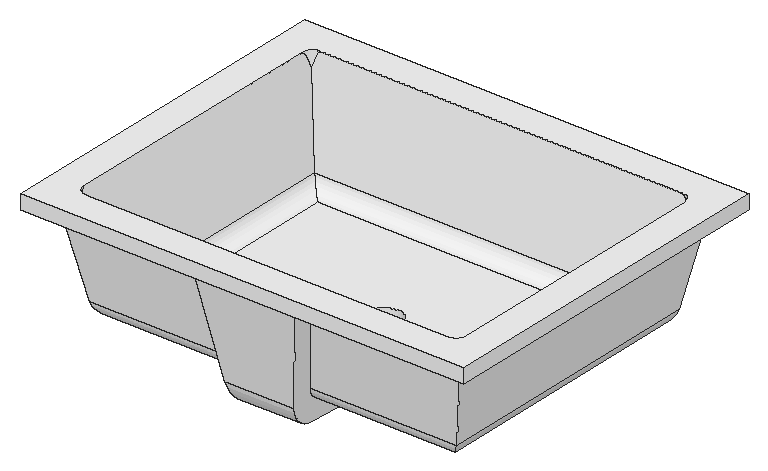
Revit family "Basin-Undercounter-American_Standard-Boxe-0315.000_Series", category Plumbing Fixtures, Revit 2018
Family settings
  Round Connector Dimension = Use Radius
  Part Type = Normal
  OmniClass Number = 23.45.05.14.14
  OmniClass Title = Sinks/Lavatories
  Work Plane-Based = Yes
  Always vertical = No
  Cut with Voids When Loaded = Yes
  Shared = Yes
  Room Calculation Point = No
Parameters (values of type "0315000.020")
  Width = 20"
  Waste Connection Radius = 5/8"
  Waste Connection Diameter = Waste Connection Radius * 2  # 1 1/4"
  Waste Connection = yes
  WFU = 2
  Vent Connection = no
  URL = "http://www.americanstandard.ca"
  Rim Material = Metal-American Standard-Unglazed
  Revised Date = "03/14/2022"  # constant formula
  Product Page URL = "https://www.americanstandard.ca/Undermount-Bathroom-Sinks/Boxe-Under-Counter-Sink/WHITE-0315000020"
  Product Documentation Link = "https://americanstandard.box.com/shared/static/s3ierqtecn3wj2ca5too4ivm6w13ick5.pdf"
  Price = "Prices may vary. Please consult McGuire rep for most up to date price list."
  Outlet Width from Wall = 12"
  Model = "0315000.020"
  Material = "Vitreous China-American Standard-020-White"
  Manufacturer = "American Standard"
  Length = 16"
  Installation Type = "Undermount"
  Hot Water Connection Width = if([4" Inlet Connection Width], 2", 4")  # 2"
  Hot Water Connection Radius = 3/16"
  Hot Water Connection Diameter = Hot Water Connection Radius * 2  # 3/8"
  Height = 7"
  HWFU = 1.5
  HW Connection = yes
  Finish = Vitreous China-American Standard-020-White
  Description = "Boxe® Under Counter Sink"
  Default Elevation = 34"
  Creation Date = "13/11/2013"  # constant formula
  Counter Opening Width = 16 3/4"
  Counter Opening Length = 12 3/4"
  Compliance Certifications = "Meets or exceeds ASME A112.19.2M for Vitreous China Fixtures. CAN/CSA B45 Series."
  Cold Water Connection Width = if([4" Inlet Connection Width], 2", 4")  # 2"
  Cold Water Connection Radius = 3/16"
  Cold Water Connection Diameter = Cold Water Connection Radius * 2  # 3/8"
  CWFU = 1.5
  CW Connection = yes
  Basin Shape = "Rectangular"
  Assembly Code = "D2010310"
  ADA Compliant = if(Default Elevation = 34", 1 > 0, 1 < 0)  # yes
  8" Inlet Connection Width = not([4" Inlet Connection Width])  # no
  4" Inlet Connection Width = yes
Reference planes (in)
  plane 1 "Center (Front/Back)": y = 0
  plane 2: z = 0
  plane 3 "Center (Left/Right)": x = 0
  plane 4: x = -10
  plane 5: x = 10
  plane 6: x = -8.625
  plane 7: x = 8.625
  plane 8: y = -16
  plane 9: y = -8
  plane 10: y = -14.625
  plane 11: y = -1.375
  plane 12: z = -7
  plane 13: z = -5
  plane 14: z = -10.5
  plane 15: z = -13.75
  plane 16 "Finished Floor": z = -33.25
  plane 17: y = 4
  plane 18: y = -18
  plane 19: z = -0.75
  plane 20: x = -8.375
  plane 21: x = 8.375
  plane 22: y = -1.625
  plane 23: y = -14.375
  plane 24: x = -2
  plane 25: x = 2
Forms (in)
  Extrusion 1, solid, material "Vitreous China-American Standard-020-White" <- "Finish", not visible
    sketch origin (0, 0, 0) x (1, 0, 0) y (0, 0, 1)
      loop
        circle (-2, -10.5) r 0.1875
      loop
        circle (0, -13.75) r 0.625
      loop
        circle (2, -10.5) r 0.1875
    from -4.0404954 to -4
  Extrusion 2, solid, material "Vitreous China-American Standard-020-White" <- "Finish"
    sketch origin (0, 0, -0.7440672) x (1, 0, 0) y (0, 1, 0)
      loop
        line (-10, 0) -> (-10, -16) -> (10, -16) -> (10, 0) -> (-10, 0)
      loop
        arc (-8.125, -1.375) -> (-8.4785534, -1.5214466) -> (-8.625, -1.875) r 0.5
        line (-8.625, -1.875) -> (-8.625, -14.125)
        arc (-8.625, -14.125) -> (-8.4785534, -14.4785534) -> (-8.125, -14.625) r 0.5
        line (-8.125, -14.625) -> (8.125, -14.625)
        arc (8.125, -14.625) -> (8.4785534, -14.4785534) -> (8.625, -14.125) r 0.5
        line (8.625, -14.125) -> (8.625, -1.875)
        arc (8.625, -1.875) -> (8.4785534, -1.5214466) -> (8.125, -1.375) r 0.5
        line (8.125, -1.375) -> (-8.125, -1.375)
    from -0.6309328 to -0.0059328
  Sweep 3, solid, material "Vitreous China-American Standard-020-White" <- "Finish"
    path origin (0, 0, -0.7440672) x (1, 0, 0) y (0, 1, 0)
      loop
        line (-8.625, -14.625) -> (8.625, -14.625) -> (8.625, -1.375) -> (-8.625, -1.375) -> (-8.625, -14.625)
    profile origin (-8.625, -8, -0.7440672) x (-1, 0, 0) y (0, 0, 1)
      loop
        line (-1.5890006, -5) -> (-1.5890006, -5.125) -> (-1.1039398, -5.125)
        arc (-1.1039398, -5.125) -> (-0.6268811, -4.9537184) -> (-0.3677194, -4.5181067) r 0.75
        line (-0.3677194, -4.5181067) -> (0.3878707, -0.6309328) -> (0, -0.6309328) -> (0, -0.0059328) -> (-0.8527802, -4.3931067)
        arc (-0.8527802, -4.3931067) -> (-1.1119419, -4.8287184) -> (-1.5890006, -5) r 0.75
  Extrusion 4, solid, material "Vitreous China-American Standard-020-White" <- "Finish"
    sketch origin (0, 0, -0.7440672) x (1, 0, 0) y (0, 1, 0)
      loop
        line (-2.5248282, -7.4751718) -> (-2.5248282, -8.5248282) -> (2.5248282, -8.5248282) -> (2.5248282, -7.4751718) -> (-2.5248282, -7.4751718)
    from -5.746579 to -5
  Extrusion 5, void
    sketch origin (0, 0, -0.7440672) x (1, 0, 0) y (0, 1, 0)
      loop
        circle (0, -8) r 0.75
    from -7.1468996 to -5
  Extrusion 6, solid, material "Vitreous China-American Standard-020-White" <- "Finish"
    sketch origin (0.0117359, 0, -0.7440672) x (0, 1, 0) y (0, 0, 1)
      loop
        line (-15.0128707, -0.6309328) -> (-15.875, -0.6309328) -> (-15.0165719, -5.0471627)
        arc (-15.0165719, -5.0471627) -> (-14.5627016, -5.8332891) -> (-13.7210593, -6.1733346) r 1.3940867
        line (-13.7210593, -6.1733346) -> (-8, -6.4731626) -> (-8, -5.65113) -> (-13.7088131, -4.9987164)
        arc (-13.7088131, -4.9987164) -> (-14.0701297, -4.8329899) -> (-14.2635752, -4.4857237) r 0.6390647
        line (-14.2635752, -4.4857237) -> (-15.0128707, -0.6309328)
    from -2.2617359 to 2.2382641
  Revolve 7, solid, material "Vitreous China-American Standard-020-White" <- "Finish"
    sketch origin (0, 0, -0.7440672) x (0, 1, 0) y (0, 0, 1)
      loop
        line (-8.75, -5.125) -> (-9.5259584, -5.125) -> (-9.2957374, -7) -> (-8.75, -7) -> (-8.75, -5.125)
      axis (-8, -5.125) -> (-8, -7)
    angle from 0 to 360
  Extrusion 8, void
    sketch origin (0, 0, -0.7440672) x (1, 0, 0) y (0, 0, 1)
      loop
        line (-2.25, -0.6309328) -> (-2.25, -7.6309328) -> (2.25, -7.6309328) -> (2.25, -0.6309328) -> (1.1940674, -7.2978291) -> (-1.1940674, -7.2978291) -> (-2.25, -0.6309328)
    from 8 to 16
  Sweep 9, solid, material "Vitreous China-American Standard-020-White" <- "Finish"
    path origin (0, 0, -0.7440672) x (1, 0, 0) y (0, 1, 0)
      loop
        line (7.0359994, -2.9640006) -> (-7.0359994, -2.9640006) -> (-7.0359994, -13.0359994) -> (7.0359994, -13.0359994) -> (7.0359994, -2.9640006)
    profile origin (0, -2.9640006, -0.7440672) x (0, -1, 0) y (0, 0, 1)
      loop
        line (0, -5.125) -> (4.5111711, -5.746579) -> (4.5111711, -5) -> (0, -5) -> (0, -5.125)
  Extrusion 10, void
    sketch origin (0, 0, 0) x (1, 0, 0) y (0, 1, 0)
      loop
        arc (-7.875, -1.625) -> (-8.2285534, -1.7714466) -> (-8.375, -2.125) r 0.5
        line (-8.375, -2.125) -> (-8.375, -13.875)
        arc (-8.375, -13.875) -> (-8.2285534, -14.2285534) -> (-7.875, -14.375) r 0.5
        line (-7.875, -14.375) -> (7.875, -14.375)
        arc (7.875, -14.375) -> (8.2285534, -14.2285534) -> (8.375, -13.875) r 0.5
        line (8.375, -13.875) -> (8.375, -2.125)
        arc (8.375, -2.125) -> (8.2285534, -1.7714466) -> (7.875, -1.625) r 0.5
        line (7.875, -1.625) -> (-7.875, -1.625)
    from -7.75 to 0.622238
Cuts and joins
  Extrusion 5 cuts Extrusion 4
  Extrusion 5 cuts Revolve 7
  Extrusion 5 cuts Sweep 9
  joined: Extrusion 2, Sweep 3, Extrusion 4, Revolve 7, Sweep 9
  Extrusion 5, Extrusion 8 cuts Extrusion 6
Lines and regions (in)
  Masking region 1
    outline origin (0, 0, 0) x (1, 0, 0) y (0, 1, 0)
      loop
        line (10, 0) -> (-10, 0) -> (-10, -16) -> (10, -16) -> (10, 0)
  symbolic lines, detail levels medium+fine
    curve 1: line (-8.125, -1.375, 0) -> (8.125, -1.375, 0)
    curve 2: arc (8.125, -1.375, 0) -> (8.4785534, -1.5214466, 0) -> (8.625, -1.875, 0) r 0.5
    curve 3: line (8.625, -1.875, 0) -> (8.625, -14.125, 0)
    curve 4: arc (8.625, -14.125, 0) -> (8.4785534, -14.4785534, 0) -> (8.125, -14.625, 0) r 0.5
    curve 5: line (8.125, -14.625, 0) -> (-8.125, -14.625, 0)
    curve 6: arc (-8.125, -14.625, 0) -> (-8.4785534, -14.4785534, 0) -> (-8.625, -14.125, 0) r 0.5
    curve 7: line (-8.625, -14.125, 0) -> (-8.625, -1.875, 0)
    curve 8: arc (-8.625, -1.875, 0) -> (-8.4785534, -1.5214466, 0) -> (-8.125, -1.375, 0) r 0.5
    curve 9: circle (0, -8, 0) r 0.75 normal (0, 0, 1)
  symbolic lines, detail levels fine
    curve 10: circle (0, -8, 0) r 1.25 normal (0, 0, 1)
Dimensions and locks (in)
  "Length": plane 8 to plane 1 "Center (Front/Back)"
  plane 11 to plane 10 = 13 1/4"
  "Width": plane 4 to plane 5
  plane 6 to plane 7 = 17 1/4"
  plane 9 to plane 1 "Center (Front/Back)" = 8"
  plane 17 to plane 18 = 22"
  plane 17 to plane 9 = 12"
  plane 2 to plane 15 = 13 3/4"
  plane 2 to plane 14 = 10 1/2"
  "Outlet Width from Wall": plane 17 to plane 9
  equal spacing: plane 20, plane 3 "Center (Left/Right)", plane 21
  "Counter Opening Width": plane 20 to plane 21
  equal spacing: plane 23, plane 9, plane 22
  "Counter Opening Length": plane 22 to plane 23
  level to plane 19 = 3/4"
  level to plane 14 = 10 1/2"
  level to plane 15 = 13 3/4"
  "Hot Water Connection Width": plane 3 "Center (Left/Right)" to plane 24
  "Cold Water Connection Width": plane 25 to plane 3 "Center (Left/Right)"
  "Height": plane 19 to Extrusion 10
  "Hot Water Connection Radius": radius of Extrusion 1 sketch curve
  "Cold Water Connection Radius": radius of Extrusion 1 sketch curve
  aligned and locked: plane 14 to Extrusion 1 sketch curve  (x2)
  aligned and locked: plane 15 to Extrusion 1 sketch curve
  aligned and locked: Extrusion 4 to Sweep 9
  aligned and locked: Extrusion 10 sketch curve to plane 22
  aligned and locked: Extrusion 10 sketch curve to plane 23
  aligned and locked: Extrusion 10 sketch curve to plane 21
  aligned and locked: plane 20 to Extrusion 10 sketch curve
  aligned and locked: Masking region 1 sketch curve to cut or joined group of Extrusion 2, Sweep 3, Extrusion 4, Extrusion 5, Revolve 7, Sweep 9  (x4)
  aligned and locked: plane 24 to Extrusion 1 sketch curve
  aligned and locked: Extrusion 1 sketch curve to plane 25
Automatic sketch dimensions
  Extrusion 2 sketch curve to plane 4 = 0"
  Extrusion 2 sketch curve to plane 6 = 0"
  Extrusion 2 sketch curve to plane 11 = 0"
  plane 10 to Extrusion 2 sketch curve = 0"
  Extrusion 2 sketch curve to plane 7 = 0"
  Extrusion 2 sketch curve to plane 5 = 0"
  plane 8 to Extrusion 2 sketch curve = 0"
  plane 1 "Center (Front/Back)" to Extrusion 2 sketch curve = 0"
  plane 6 to Extrusion 2 sketch curve = 1/2"
  Extrusion 2 sketch curve to Extrusion 2 sketch curve = 1/2"
  plane 7 to Extrusion 2 sketch curve = 1/2"  (x2)
  Sweep 3 sketch curve to plane 6 = 0"
  Sweep 3 sketch curve to plane 7 = 0"
  plane 10 to Sweep 3 sketch curve = 0"
  Sweep 3 sketch curve to plane 11 = 0"
  Sweep 3 sketch curve to profile plane = 0"
  profile plane to Sweep 3 sketch curve = 0.36772"
  Sweep 3 sketch curve to Sweep 3 sketch curve = 0.48506"  (x2)
  Sweep 3 sketch curve to Sweep 3 sketch curve = 0.25116"
  Sweep 3 sketch curve to profile plane = 0.38787"
  Sweep 3 sketch curve to profile plane = 5 1/8"
  Sweep 3 sketch curve to Sweep 3 sketch curve = 1/8"
  Sweep 3 sketch curve to Sweep 3 sketch curve = 0.60689"
  Sweep 3 sketch curve to Sweep 3 sketch curve = 0.01811"
  Sweep 3 sketch curve to profile plane = 0.63093"
  Sweep 3 sketch curve to profile plane = 0.00593"
  plane 9 to Extrusion 4 sketch curve = 0.52483"
  Extrusion 4 sketch curve to plane 9 = 0.52483"
  Extrusion 5 sketch curve to plane 3 "Center (Left/Right)" = 0"
  plane 9 to Extrusion 5 sketch curve = 0"
  Extrusion 6 sketch curve to plane 9 = 0"
  Extrusion 6 sketch curve to plane 13 = 0.10785"
  Extrusion 6 sketch curve to plane 10 = 0.98875"
  Extrusion 6 sketch curve to Extrusion 6 sketch curve = 0.01185"
  Extrusion 6 sketch curve to Extrusion 6 sketch curve = 0.06071"
  plane 12 to Extrusion 6 sketch curve = 0.0826"
  Extrusion 6 sketch curve to plane 10 = 0.90394"
  Extrusion 6 sketch curve to plane 10 = 0.36142"
  plane 10 to Extrusion 6 sketch curve = 0.38787"
  plane 10 to Extrusion 6 sketch curve = 0.39157"
  Extrusion 6 sketch curve to plane 8 = 1/8"
  Extrusion 6 sketch curve to plane 12 = 0.21723"
  plane 12 to Extrusion 6 sketch curve = 0.6048"
  Extrusion 6 sketch curve to plane 13 = 0.79123"
  Extrusion 6 sketch curve to Extrusion 6 sketch curve = 0.21756"
  plane 19 to Extrusion 6 sketch curve = 5/8"
  Revolve 7 sketch curve to plane 9 = 0"
  plane 9 to Revolve 7 sketch curve = 3/4"
  Revolve 7 sketch curve to Revolve 7 sketch curve = 0.54574"
  Revolve 7 sketch curve to Revolve 7 sketch curve = 0.77596"
  Revolve 7 sketch curve to plane 12 = 0.74407"
  Revolve 7 sketch curve to plane 13 = 0.86907"
  plane 12 to Revolve 7 sketch curve = 0.03935"
  Revolve 7 sketch curve to Revolve 7 sketch curve = 0.29568"
  plane 19 to Extrusion 8 sketch curve = 5/8"  (x2)
  Extrusion 8 sketch curve to Extrusion 8 sketch curve = 1.05593"  (x2)
  plane 3 "Center (Left/Right)" to Extrusion 8 sketch curve = 1.19407"
  Extrusion 8 sketch curve to plane 12 = 1.0419"
  Extrusion 8 sketch curve to Extrusion 8 sketch curve = 0.3331"
  plane 6 to Sweep 9 sketch curve = 1.589"
  plane 7 to Sweep 9 sketch curve = 1.589"
  Sweep 9 sketch curve to plane 10 = 1.589"
  Sweep 9 sketch curve to plane 11 = 1.589"
  Sweep 9 sketch curve to profile plane = 0"
  Sweep 9 sketch curve to profile plane = 4.51117"
  Sweep 9 sketch curve to profile plane = 5.74658"
  Sweep 9 sketch curve to Sweep 9 sketch curve = 0.62158"
  Sweep 9 sketch curve to Sweep 9 sketch curve = 1/8"
  plane 7 to Extrusion 10 sketch curve = 3/4"
  Extrusion 10 sketch curve to Extrusion 10 sketch curve = 1/2"
  plane 6 to Extrusion 10 sketch curve = 3/4"  (x2)
  curve 9 to curve 10 = 0"  (x2)
  curve 7 to plane 6 = 0"
  curve 8 to plane 11 = 0"
  plane 10 to curve 6 = 0"
  curve 9 to plane 3 "Center (Left/Right)" = 0"
  curve 3 to plane 7 = 0"
  plane 9 to curve 9 = 0"
  plane 20 to curve 8 = 1/4"
  plane 20 to curve 6 = 1/4"
  plane 21 to curve 4 = 1/4"
  plane 21 to curve 1 = 1/4"
  plane 3 "Center (Left/Right)" to Extrusion 4 sketch curve = 2.52483"
  Extrusion 4 sketch curve to plane 3 "Center (Left/Right)" = 2.52483"
  Extrusion 8 sketch curve to plane 3 "Center (Left/Right)" = 1.19407"
  Extrusion 1 sketch curve to plane 3 "Center (Left/Right)" = 0"
  radius of Extrusion 5 sketch curve = 3/4"
  radius of curve 9 = 3/4"
  radius of curve 10 = 1 1/4"
  radius of Extrusion 1 sketch curve = 5/8"
Connectors (in)
  piping at (0, 4.0404954, -13.75), diameter 1.25, driven by "WFU", driven by "Waste Connection Radius"
    settings: on Extrusion 1, index 1, connector inside diameter 1 1/4", connector length 0", flow factor 0, pipe flow 0 GPM, pressure drop 0.00 psi, fitting loss kfactor 0, connector angle 0.00°, fixture units 2, engagement length 0", angle of deflection 0.00°, flow configuration 3, flow direction 2, fitting loss method 0, system type 16, joint type 0, gender type 0, connector reference index -1, connector utility 0, adjustable connector yes, is connector primary yes, connector description "1-1/4\" Sanitary Connection"
  piping at (2, 4.0404954, -10.5), diameter 0.375, driven by "CWFU"
    settings: on Extrusion 1, index 2, connector inside diameter 3/8", connector length 0", flow factor 0, pipe flow 0 GPM, pressure drop 0.00 psi, fitting loss kfactor 0, connector angle 0.00°, fixture units 1.5, engagement length 0", angle of deflection 0.00°, flow configuration 3, flow direction 1, fitting loss method 0, system type 20, joint type 0, gender type 0, connector reference index -1, connector utility 0, adjustable connector no, is connector primary no, connector description "3/8\" Cold Water Conenction"
  piping at (-2, 4.0404954, -10.5), diameter 0.375, driven by "HWFU", driven by "Hot Water Connection Radius"
    settings: on Extrusion 1, index 3, connector inside diameter 3/8", connector length 0", flow factor 0, pipe flow 0 GPM, pressure drop 0.00 psi, fitting loss kfactor 0, connector angle 0.00°, fixture units 1.5, engagement length 0", angle of deflection 0.00°, flow configuration 3, flow direction 1, fitting loss method 0, system type 19, joint type 0, gender type 0, connector reference index -1, connector utility 0, adjustable connector no, is connector primary no, connector description "3/8\" Hot Water Connection"
